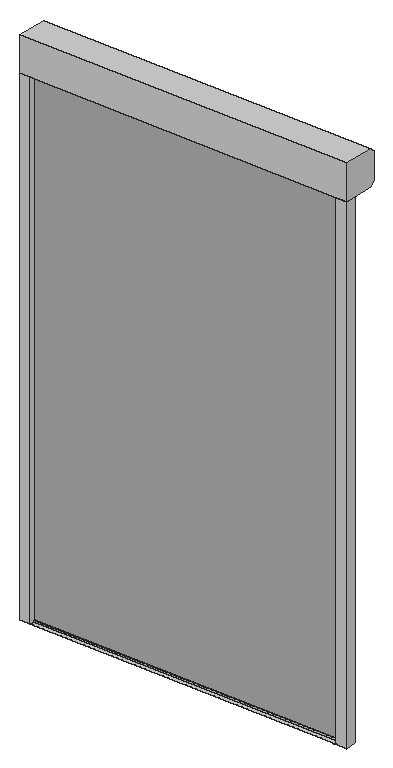
Revit family "Fire-Smoke-Curtain_Manual_DoorSystems_DSI-M10D", category Doors, host Wall, Revit 2023
Family settings
  Host = Wall
  OmniClass Number = 23.30.10.21.11.11
  OmniClass Title = Rolling Fire Doors
  Always vertical = Yes
  Cut with Voids When Loaded = No
  Shared = No
  Room Calculation Point = No
Parameters (values of type "Single Roller")
  Width [instance] = Opening Width  # 5' - 0"
  Unit Width [instance] = Opening Width + (0' 2" * 2)  # 5' - 4"
  Unit Height [instance] = Opening Height + HeadBox_Height  # 8' - 6 11/16"
  URL = "https://www.doorsysinc.com/"
  Type Model Notes [instance] = "As Specified"
  Thickness = 0' - 0"  # constant formula
  Standards Conformance = "ICC  ;  UL 1784 S Label  ;  UL 864  ;  OSHPD  ;  LAFD High Rise"  # constant formula
  Specification = "https://www.arcat.com/company/door-systems-50183/spec"
  Rough Width = 0' - 0"  # constant formula
  Rough Height = 0' - 0"  # constant formula
  Product Page URL = "https://www.arcat.com/company/door-systems-50183"
  Opening Width [instance] = 5' - 0"
  Opening Height [instance] = 8' - 0"
  Mounting Method [instance] = "as Specified"
  Model = "DSI-M10D"  # constant formula
  Maximum Size [instance] = "16 ft Wide. Heights Above 10 ft Require Larger Head Clearances"
  Manufacturer = "Door Systems"
  Keynote = "07 87 70"
  Invalid Model [instance] = (HeadBox_Height = 0' 0")  # no
  Height [instance] = Opening Height  # 8' - 0"
  HeadBox_Height [instance] = if(not(Opening Height > 10' 0"), 0' 6 11/16", 0' 8 1/4")  # 0' - 6 11/16"
  HeadBox_Depth [instance] = HeadBox_Height  # 0' - 6 11/16"
  Frame Depth = 0' - 2"
  Frame Width = 0' - 4"
  Wall Closure = By host
  Fire Performance = "UL 10D 1 HR"  # constant formula
  Define Thermal Properties by = Schematic Type
  Curtain Offset [instance] = 0' - 0"
  Frame Finish [instance] = Metal - Steel - Painted
  Description = "Manual Fire Protective Smoke Curtain"  # constant formula
  CurtainDrop_Viz = yes
  Curtain Height [instance] = if(Curtain Closed, Opening Height, 0' 0 1/8")  # 8' - 0"
  Curtain Finish [instance] = Fabric - DoorSystemsInc - Grey Smoke Curtain
  Curtain Closed [instance] = yes
  Copyright = "ARCAT"  # constant formula
  CAD Details = "https://www.arcat.com/company/door-systems-50183/cad"
  Available Options [instance] = "as Specified"
  Analytic Construction = "<None>"
Reference planes (in)
  plane 1 "Center (Front/Back)": y = 0
  plane 2 "Center (Left/Right)": x = 0
  plane 3 "Left": x = -32
  plane 4 "Right": x = 32
  plane 5 "Top": z = 96
  plane 6 "Exterior": y = 3
  plane 7 "Interior": y = -3
  plane 8: z = 0
  plane 9: y = 3
  plane 10: z = 102.6875
  plane 11 "DoorOffset": y = 4
  plane 12: y = 5
  plane 13 "Base Curtain": z = 0
  plane 14: y = 3
  plane 15: x = 30
  plane 16: x = -30
  plane 17: x = -31.25
  plane 18: x = 31.25
  plane 19: y = 1
Forms (in)
  Extrusion 1, solid, material "Fabric - DoorSystemsInc - Grey Smoke Curtain" <- "Curtain Finish"
    sketch origin (0, 0, 0) x (1, 0, 0) y (0, 1, 0)
      loop
        line (-31.25, 4.07812) -> (-31.25, 3.92187) -> (31.25, 3.92187) -> (31.25, 4.07812) -> (-31.25, 4.07812)
    from 0 to 96
  Sweep 2, solid, material "Metal - Steel - Painted" <- "Frame Finish"
    path origin (0, 0, 0) x (1, 0, 0) y (0, 0, 1)
      loop
        line (-32, 96) -> (32, 96)
    profile origin (0, 0, 96) x (0, 0, 1) y (0, -1, 0)
      loop
        line (6.6875, -3) -> (0, -3) -> (0, -8.9375) -> (0.75, -9.6875) -> (5.9375, -9.6875) -> (6.6875, -8.9375) -> (6.6875, -3)
  Sweep 3, solid, material "Metal - Steel - Painted" <- "Frame Finish"
    path origin (0, 0, -0.22979) x (1, 0, 0) y (0, 0, 1)
      loop
        line (0, 0.22979) -> (0, 96.22979)
    profile origin (0, 0, 48) x (-1, 0, 0) y (0, -1, 0)
      loop
        line (-30, -3) -> (-32, -3) -> (-32, -5) -> (-30, -5) -> (-30, -4.125) -> (-31.25, -4.125) -> (-31.25, -3.875) -> (-30, -3.875) -> (-30, -3)
      loop
        line (30, -3) -> (30, -3.875) -> (31.25, -3.875) -> (31.25, -4.125) -> (30, -4.125) -> (30, -5) -> (32, -5) -> (32, -3) -> (30, -3)
  Sweep 4, solid, material "Metal - Steel - Painted" <- "Frame Finish", visible <- "CurtainDrop_Viz"
    path origin (0, 0, 0) x (1, 0, 0) y (0, 1, 0)
      loop
        line (30, 4) -> (-30, 4)
    profile origin (0, 4, 0) x (0, -1, 0) y (0, 0, 1)
      loop
        line (-0.07812, 0.5) -> (-0.20312, 0.5) -> (-0.20312, 0.125) -> (-1, 0.125) -> (-1, 0) -> (-0.07812, 0) -> (-0.07812, 0.5)
      loop
        line (0.07812, 0) -> (1, 0) -> (1, 0.125) -> (0.20312, 0.125) -> (0.20312, 0.5) -> (0.07812, 0.5) -> (0.07812, 0)
  Extrusion 5, solid, material "Error Material", visible <- "Invalid Model"
    sketch origin (0, 0, 0) x (1, 0, 0) y (0, 1, 0)
      loop
        line (-32, -2) -> (32, -2) -> (32, 10) -> (-32, 10) -> (-32, -2)
    from 0 to 102.6875
Lines and regions (in)
  Opening 1
    outline origin (-6.31014, -3, 0) x (1, 0, 0) y (0, 0, 1)
      loop
        line (36.31014, 96) -> (-23.68986, 96) -> (-23.68986, 0) -> (36.31014, 0) -> (36.31014, 96)
Text (in)
  text "Exterior" at (-74.96733, 27.31104, 0), in view "Ref. Level"
  text "Interior" at (-74.96733, -25.14366, 0), in view "Ref. Level"
  text "Exterior" at (0, 40.15149, 123.01588), in view "Right"
  text "Interior" at (0, -64.39139, 123.01588), in view "Right"
  text "Interior" at (0, 15.98401, 123.00693), in view "Left"
  text "Exterior" at (0, 54.57065, 123.00693), in view "Left"
Dimensions and locks (in)
  equal spacing: plane 3 "Left", plane 2 "Center (Left/Right)", plane 4 "Right"
  "Unit Width": plane 3 "Left" to plane 4 "Right"
  Extrusion 1 sketch curve to Extrusion 1 sketch curve = 0' - 0 5/32"
  equal spacing: Extrusion 1 sketch curve, plane 11 "DoorOffset", Extrusion 1 sketch curve
  "Frame Depth": plane 9 to plane 12
  plane 8 to plane 10 = 8' - 6 11/16"
  "Curtain Height": plane 5 "Top" to plane 13 "Base Curtain"
  "Opening Height": plane 5 "Top" to plane 8
  equal spacing: plane 12, plane 11 "DoorOffset", plane 9
  locked: plane 9 to plane 14
  equal spacing: plane 16, plane 2 "Center (Left/Right)", plane 15
  "Opening Width": plane 16 to plane 15
  locked: plane 15 to plane 18 at 1.25
  locked: plane 17 to plane 16 at 1.25
  locked: Sweep 3 sketch curve to plane 16 at 1.25
  Sweep 3 sketch curve to plane 11 "DoorOffset" to Sweep 3 sketch curve = 0' - 0 1/8" locked, 0' - 0 1/8" locked
  locked: plane 15 to Sweep 3 sketch curve at 1.25
  "Curtain Offset": plane 9 to plane 6 "Exterior"
  Sweep 4 sketch curve to Sweep 4 sketch curve to plane 13 "Base Curtain" = 0' - 0 3/8" locked, 0' - 0 1/8" locked
  "Frame Depth": plane 6 "Exterior" to plane 19
  locked: plane 12 to Extrusion 5 sketch curve at 5
  locked: Extrusion 5 sketch curve to plane 9 at 5
  "HeadBox_Depth": Sweep 2 sketch curve to plane 14
  "HeadBox_Height": plane 5 "Top" to plane 10
  aligned and locked: plane 6 "Exterior" to host wall
  aligned and locked: host wall to plane 7 "Interior"
  aligned and locked: plane 8 to level
  aligned and locked: Extrusion 1 to plane 5 "Top"
  aligned and locked: plane 5 "Top" to Sweep 2 sketch curve  (x2)
  aligned and locked: plane 4 "Right" to Sweep 2 sketch curve
  aligned and locked: plane 3 "Left" to Sweep 2 sketch curve
  aligned and locked: plane 10 to Sweep 2 sketch curve
  aligned and locked: plane 14 to Sweep 2 sketch curve
  aligned and locked: Extrusion 1 sketch curve to plane 17
  aligned and locked: plane 18 to Extrusion 1 sketch curve
  aligned and locked: plane 2 "Center (Left/Right)" to Sweep 3 sketch curve
  aligned and locked: Sweep 3 sketch curve to plane 15  (x2)
  aligned and locked: Sweep 3 sketch curve to plane 12
  aligned and locked: Sweep 3 sketch curve to plane 9
  aligned and locked: Sweep 3 sketch curve to plane 4 "Right"
  aligned and locked: plane 16 to Sweep 3 sketch curve  (x2)
  aligned and locked: Sweep 3 sketch curve to plane 3 "Left"
  aligned and locked: Sweep 3 sketch curve to Sweep 3 sketch curve  (x2)
  aligned and locked: plane 1 "Center (Front/Back)" to host wall
  aligned and locked: Sweep 4 sketch curve to plane 11 "DoorOffset"
  aligned and locked: plane 16 to Sweep 4 sketch curve
  aligned and locked: plane 15 to Sweep 4 sketch curve
  aligned and locked: Extrusion 1 to Sweep 4 sketch curve  (x2)
  aligned and locked: Sweep 4 sketch curve to plane 13 "Base Curtain"  (x2)
  aligned and locked: Sweep 4 sketch curve to plane 12
  aligned and locked: Sweep 4 sketch curve to plane 9
  aligned and locked: Sweep 4 sketch curve to Sweep 4 sketch curve  (x2)
  aligned and locked: Extrusion 1 to plane 13 "Base Curtain"
  aligned and locked: plane 16 to Opening 1 sketch curve
  aligned and locked: Opening 1 sketch curve to plane 8
  aligned and locked: plane 15 to Opening 1 sketch curve
  aligned and locked: plane 5 "Top" to Opening 1 sketch curve
  aligned and locked: Extrusion 5 sketch curve to plane 3 "Left"
  aligned and locked: Extrusion 5 sketch curve to plane 4 "Right"
  aligned and locked: Extrusion 5 to plane 10
Automatic sketch dimensions
  Sweep 3 sketch curve to Sweep 3 sketch curve = 0' - 0 7/8"
  Sweep 3 sketch curve to Sweep 3 sketch curve = 0' - 2"
  profile plane to Sweep 4 sketch curve = 0' - 0 13/64"
  Sweep 4 sketch curve to Sweep 4 sketch curve = 0' - 0 1/8"
  Sweep 3 sketch curve to level = 0' - 0"
  plane 5 "Top" to Sweep 3 sketch curve = 0' - 0"
  Sweep 2 sketch curve to profile plane = 0' - 0 3/4"
  Sweep 2 sketch curve to Sweep 2 sketch curve = 0' - 0 3/4"  (x3)
